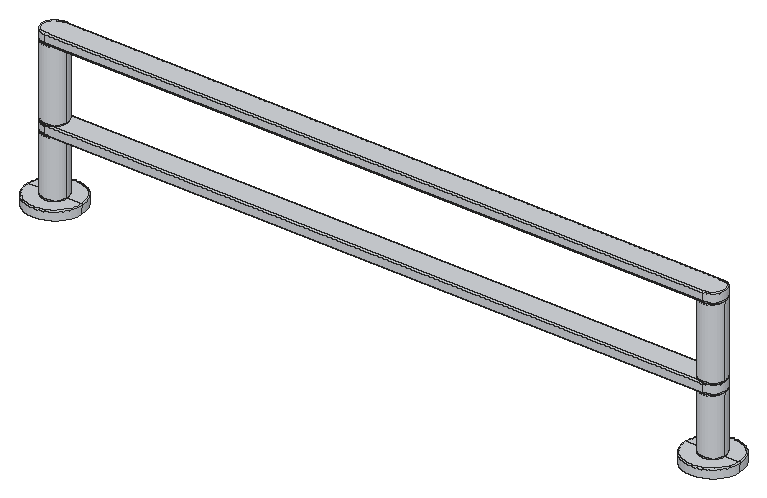
Revit family "Accessory-Towel_Bar-KOHLER-Composed-K-73144", category Specialty Equipment, host Face, Revit 2015
Parameters (values of type "CP-Polished Chrome")
  Width = 5 3/4"  # constant formula
  URL = "https://www.us.kohler.com/us/"
  Type = 1
  Product Page URL = "http://www.us.kohler.com/us/catalog/productDetails.jsp?productNumber=73144"
  Product Name = "Composed"  # constant formula
  Product Documentation Link = "http://www.us.kohler.com/onlinecatalog/pdf/K-73144_spec.pdf"
  Model = if(Type = 1, "K-73144-CP", if(Type = 2, "K-73144-TT", "NA"))  # "K-73144-CP"
  Material = "Premium Metal Construction"  # constant formula
  MasterFormat 2004 = "10.28.13"  # constant formula
  MasterFormat 1995 = "10820"  # constant formula
  Manufacturer Address = "444 Highland Dr, Kohler, WI 53044"  # constant formula
  Manufacturer = "KOHLER Co."  # constant formula
  Length = 24"  # constant formula
  Height = 2"  # constant formula
  Finish = Kohler-Metal-CP-Polished_Chrome
  Environmental Product Declaration = ""
  Description = "24inch double towel bar"  # constant formula
  Default Elevation = 42"
  Declare Label = ""
  Date Modified = "09/19/2018"  # constant formula
  Date Created = "09/19/2018"  # constant formula
  Copyright = "Copyright KOHLER Co."  # constant formula
  Contact Us = "https://www.us.kohler.com/us/static/contact.jsp"
  Assembly Code = "C1030200"
  ADA Compliant = 1 = 0  # no
Types (3): name | Type | Model | Finish
  (no name) | 1 | "K-73144-CP" | Kohler-Metal-CP-Polished_Chrome
  CP-Polished Chrome | 1 | "K-73144-CP" | Kohler-Metal-CP-Polished_Chrome
  TT-Vibrant Titanium | 2 | "K-73144-TT" | Kohler-Metal-TT-Vibrant_Titanium
Reference planes (in)
  plane 1 "Center (Front/Back)": y = 0
  plane 2: z = 0
  plane 3 "Center (Left/Right)": x = 0
  plane 4: y = 1
  plane 5: y = -1
  plane 6: z = 5.75
  plane 7: x = -12
  plane 8: x = 12
Dimensions and locks (in)
  "Height": plane 5 to plane 4
  "Width": plane 6 to plane 2
  equal spacing: plane 7, plane 3 "Center (Left/Right)", plane 8
  "Length": plane 7 to plane 8
  aligned and locked: plane 2 to host face
  aligned and locked: level to host face
Automatic sketch dimensions
  host sketch curve to host sketch curve = 96"  (x2)
Nested families (in)
  nested 1: "K-73144" at (0, 0, 0), type "K-73144"
    with Length 24"
Definition of nested family "K-73144"
  Parameters (values of type "K-73144")
    Material = none
    Length = 30"
  Reference planes (in)
    plane 1 "Center (Front/Back)": y = 0
    plane 2: z = 0
    plane 3 "Center (Left/Right)": x = 0
    plane 4: x = -15
    plane 5: x = 15
    plane 6: y = 1
    plane 7: z = 5.75
    plane 8: y = -1
  Forms (in)
    Revolve 1, solid, material <- "Material", detail levels medium+fine
      sketch origin (0, 0, 0) x (1, 0, 0) y (0, 0, 1)
        loop
          line (-16, 0) -> (-15, 0) -> (-15, 2.42126) -> (-15.41855, 2.42126)
          arc (-15.41855, 2.42126) -> (-15.44135, 2.41182) -> (-15.45079, 2.38902) r 0.03224
          line (-15.45079, 2.38902) -> (-15.45079, 0.3466)
          arc (-15.45079, 0.3466) -> (-15.44152, 0.32423) -> (-15.41915, 0.31496) r 0.03164
          line (-15.41915, 0.31496) -> (-15.96861, 0.31496)
          arc (-15.96861, 0.31496) -> (-15.99081, 0.30577) -> (-16, 0.28357) r 0.03139
          line (-16, 0.28357) -> (-16, 0)
        loop
          arc (-15.41873, 5.39976) -> (-15.4414, 5.39037) -> (-15.45079, 5.3677) r 0.03206
          line (-15.45079, 5.3677) -> (-15.45079, 2.80261)
          arc (-15.45079, 2.80261) -> (-15.44172, 2.78072) -> (-15.41984, 2.77165) r 0.03095
          line (-15.41984, 2.77165) -> (-15, 2.77165) -> (-15, 5.39976) -> (-15.41873, 5.39976)
        axis (-15, 5.39976) -> (-15, 0)
      angle from 0 to 360
    Revolve 2, solid, material <- "Material", detail levels medium+fine
      sketch origin (0, 0, 0) x (-1, 0, 0) y (0, 0, 1)
        loop
          line (-16, 0) -> (-15, 0) -> (-15, 2.42126) -> (-15.41855, 2.42126)
          arc (-15.41855, 2.42126) -> (-15.44135, 2.41182) -> (-15.45079, 2.38902) r 0.03224
          line (-15.45079, 2.38902) -> (-15.45079, 0.3466)
          arc (-15.45079, 0.3466) -> (-15.44152, 0.32423) -> (-15.41915, 0.31496) r 0.03164
          line (-15.41915, 0.31496) -> (-15.96861, 0.31496)
          arc (-15.96861, 0.31496) -> (-15.99081, 0.30577) -> (-16, 0.28357) r 0.03139
          line (-16, 0.28357) -> (-16, 0)
        loop
          arc (-15.41873, 5.39976) -> (-15.4414, 5.39037) -> (-15.45079, 5.3677) r 0.03206
          line (-15.45079, 5.3677) -> (-15.45079, 2.80261)
          arc (-15.45079, 2.80261) -> (-15.44172, 2.78072) -> (-15.41984, 2.77165) r 0.03095
          line (-15.41984, 2.77165) -> (-15, 2.77165) -> (-15, 5.39976) -> (-15.41873, 5.39976)
        axis (-15, 5.39976) -> (-15, 0)
      angle from 0 to 360
    Sweep 3, solid, material <- "Material", detail levels medium+fine
      path origin (0, 0, 0) x (1, 0, 0) y (0, 1, 0)
        loop
          line (15, 0.45079) -> (-15, 0.45079)
          arc (-15, 0.45079) -> (-15.45079, 0) -> (-15, -0.45079) r 0.45079
          line (-15, -0.45079) -> (15, -0.45079)
          arc (15, -0.45079) -> (15.45079, 0) -> (15, 0.45079) r 0.45079
      profile origin (0, 0.45079, 0) x (0, -1, 0) y (0, 0, 1)
        loop
          line (0.06353, 5.39976) -> (0.06353, 5.75015) -> (0.03174, 5.75015)
          arc (0.03174, 5.75015) -> (0.00929, 5.74086) -> (0, 5.71842) r 0.03174
          line (0, 5.71842) -> (0, 5.43187)
          arc (0, 5.43187) -> (0.0094, 5.40916) -> (0.03211, 5.39976) r 0.03211
          line (0.03211, 5.39976) -> (0.06353, 5.39976)
    Extrusion 4, solid, material <- "Material", detail levels medium+fine
      sketch origin (0, 0, 0) x (1, 0, 0) y (0, 1, 0)
        loop
          arc (-15, 0.38726) -> (-15.38726, 0) -> (-15, -0.38726) r 0.38726
          line (-15, -0.38726) -> (15, -0.38726)
          arc (15, -0.38726) -> (15.38726, 0) -> (15, 0.38726) r 0.38726
          line (15, 0.38726) -> (-15, 0.38726)
      from 5.39976 to 5.75015
    Revolve 5, solid, material <- "Material", detail levels coarse
      sketch origin (0, 0, 0) x (1, 0, 0) y (0, 0, 1)
        loop
          line (-16, 0) -> (-15, 0) -> (-15, 5.75) -> (-15.45079, 5.75) -> (-15.45079, 0.31496) -> (-16, 0.31496) -> (-16, 0)
        axis (-15, 5.75) -> (-15, 0)
      angle from 0 to 360
    Revolve 6, solid, material <- "Material", detail levels coarse
      sketch origin (0, 0, 0) x (-1, 0, 0) y (0, 0, 1)
        loop
          line (-16, 0) -> (-15, 0) -> (-15, 5.40123) -> (-15.45079, 5.40123) -> (-15.45079, 0.31496) -> (-16, 0.31496) -> (-16, 0)
        axis (-15, 5.40123) -> (-15, 0)
      angle from 0 to 360
    Extrusion 7, solid, material <- "Material", detail levels coarse
      sketch origin (0, 0, 0) x (1, 0, 0) y (0, 1, 0)
        loop
          line (-14.99839, -0.45079) -> (15.00161, -0.45079)
          arc (15.00161, -0.45079) -> (15.45079, 0.0008) -> (15, 0.45079) r 0.45079
          line (15, 0.45079) -> (-15, 0.45079)
          arc (-15, 0.45079) -> (-15.45079, -0.0008) -> (-14.99839, -0.45079) r 0.45079
      from 5.39976 to 5.75
    Sweep 8, solid, material <- "Material", detail levels medium+fine
      path origin (0, 0, -2.9785) x (1, 0, 0) y (0, 1, 0)
        loop
          line (15, 0.45079) -> (-15, 0.45079)
          arc (-15, 0.45079) -> (-15.45079, 0) -> (-15, -0.45079) r 0.45079
          line (-15, -0.45079) -> (15, -0.45079)
          arc (15, -0.45079) -> (15.45079, 0) -> (15, 0.45079) r 0.45079
      profile origin (0, 0.45079, -2.9785) x (0, -1, 0) y (0, 0, 1)
        loop
          line (0.06353, 5.39976) -> (0.06353, 5.75015) -> (0.03174, 5.75015)
          arc (0.03174, 5.75015) -> (0.00929, 5.74086) -> (0, 5.71842) r 0.03174
          line (0, 5.71842) -> (0, 5.43187)
          arc (0, 5.43187) -> (0.0094, 5.40916) -> (0.03211, 5.39976) r 0.03211
          line (0.03211, 5.39976) -> (0.06353, 5.39976)
    Extrusion 9, solid, material <- "Material", detail levels medium+fine
      sketch origin (0, 0, 0) x (1, 0, 0) y (0, 1, 0)
        loop
          arc (-15, 0.38726) -> (-15.38726, 0) -> (-15, -0.38726) r 0.38726
          line (-15, -0.38726) -> (15, -0.38726)
          arc (15, -0.38726) -> (15.38726, 0) -> (15, 0.38726) r 0.38726
          line (15, 0.38726) -> (-15, 0.38726)
      from 2.42126 to 2.77165
    Extrusion 10, solid, material <- "Material", detail levels coarse
      sketch origin (0, 0, 0) x (1, 0, 0) y (0, 1, 0)
        loop
          line (-14.99839, -0.45079) -> (15.00161, -0.45079)
          arc (15.00161, -0.45079) -> (15.45079, 0.0008) -> (15, 0.45079) r 0.45079
          line (15, 0.45079) -> (-15, 0.45079)
          arc (-15, 0.45079) -> (-15.45079, -0.0008) -> (-14.99839, -0.45079) r 0.45079
      from 2.41991 to 2.77202
  Cuts and joins
    joined: Sweep 3, Extrusion 4
    joined: Revolve 1, Revolve 2
    joined: Revolve 5, Extrusion 7, Extrusion 10
    joined: Sweep 8, Extrusion 9
  Lines and regions (in)
    Masking region 1
      outline origin (0, 0, 0) x (1, 0, 0) y (0, 0, 1)
        loop
          line (-16, 0) -> (-14, 0) -> (-14, 0.28357)
          arc (-14, 0.28357) -> (-14.00919, 0.30577) -> (-14.03139, 0.31496) r 0.03139
          line (-14.03139, 0.31496) -> (-14.58085, 0.31496)
          arc (-14.58085, 0.31496) -> (-14.55848, 0.32423) -> (-14.54921, 0.3466) r 0.03164
          line (-14.54921, 0.3466) -> (-14.54921, 2.38893)
          arc (-14.54921, 2.38893) -> (-14.55828, 2.41084) -> (-14.58019, 2.41991) r 0.03098
          line (-14.58019, 2.41991) -> (14.58019, 2.41991)
          arc (14.58019, 2.41991) -> (14.55828, 2.41084) -> (14.54921, 2.38893) r 0.03098
          line (14.54921, 2.38893) -> (14.54921, 0.3466)
          arc (14.54921, 0.3466) -> (14.55848, 0.32423) -> (14.58085, 0.31496) r 0.03164
          line (14.58085, 0.31496) -> (14.03139, 0.31496)
          arc (14.03139, 0.31496) -> (14.00919, 0.30577) -> (14, 0.28357) r 0.03139
          line (14, 0.28357) -> (14, 0) -> (16, 0) -> (16, 0.28357)
          arc (16, 0.28357) -> (15.99081, 0.30577) -> (15.96861, 0.31496) r 0.03139
          line (15.96861, 0.31496) -> (15.41915, 0.31496)
          arc (15.41915, 0.31496) -> (15.44152, 0.32423) -> (15.45079, 0.3466) r 0.03164
          line (15.45079, 0.3466) -> (15.45079, 2.38893)
          arc (15.45079, 2.38893) -> (15.44172, 2.41084) -> (15.41981, 2.41991) r 0.03098
          arc (15.41981, 2.41991) -> (15.44172, 2.42899) -> (15.45079, 2.45089) r 0.03098
          line (15.45079, 2.45089) -> (15.45079, 2.74104)
          arc (15.45079, 2.74104) -> (15.44172, 2.76295) -> (15.41981, 2.77202) r 0.03098
          arc (15.41981, 2.77202) -> (15.44172, 2.78109) -> (15.45079, 2.803) r 0.03098
          line (15.45079, 2.803) -> (15.45079, 5.3677)
          arc (15.45079, 5.3677) -> (15.4414, 5.39037) -> (15.41873, 5.39976) r 0.03206
          arc (15.41873, 5.39976) -> (15.4414, 5.40915) -> (15.45079, 5.43182) r 0.03206
          line (15.45079, 5.43182) -> (15.45079, 5.71772)
          arc (15.45079, 5.71772) -> (15.44134, 5.74055) -> (15.41851, 5.75) r 0.03228
          line (15.41851, 5.75) -> (-15.41851, 5.75)
          arc (-15.41851, 5.75) -> (-15.44134, 5.74055) -> (-15.45079, 5.71772) r 0.03228
          line (-15.45079, 5.71772) -> (-15.45079, 5.43182)
          arc (-15.45079, 5.43182) -> (-15.4414, 5.40915) -> (-15.41873, 5.39976) r 0.03206
          arc (-15.41873, 5.39976) -> (-15.4414, 5.39037) -> (-15.45079, 5.3677) r 0.03206
          line (-15.45079, 5.3677) -> (-15.45079, 2.803)
          arc (-15.45079, 2.803) -> (-15.44172, 2.78109) -> (-15.41981, 2.77202) r 0.03098
          arc (-15.41981, 2.77202) -> (-15.44172, 2.76295) -> (-15.45079, 2.74104) r 0.03098
          line (-15.45079, 2.74104) -> (-15.45079, 2.45089)
          arc (-15.45079, 2.45089) -> (-15.44172, 2.42899) -> (-15.41981, 2.41991) r 0.03098
          arc (-15.41981, 2.41991) -> (-15.44172, 2.41084) -> (-15.45079, 2.38893) r 0.03098
          line (-15.45079, 2.38893) -> (-15.45079, 0.3466)
          arc (-15.45079, 0.3466) -> (-15.44152, 0.32423) -> (-15.41915, 0.31496) r 0.03164
          line (-15.41915, 0.31496) -> (-15.96861, 0.31496)
          arc (-15.96861, 0.31496) -> (-15.99081, 0.30577) -> (-16, 0.28357) r 0.03139
          line (-16, 0.28357) -> (-16, 0)
        loop
          line (-14.54921, 5.3677) -> (-14.54921, 2.803)
          arc (-14.54921, 2.803) -> (-14.55828, 2.78109) -> (-14.58019, 2.77202) r 0.03098
          line (-14.58019, 2.77202) -> (14.58019, 2.77202)
          arc (14.58019, 2.77202) -> (14.55828, 2.78109) -> (14.54921, 2.803) r 0.03098
          line (14.54921, 2.803) -> (14.54921, 5.3677)
          arc (14.54921, 5.3677) -> (14.5586, 5.39037) -> (14.58127, 5.39976) r 0.03206
          line (14.58127, 5.39976) -> (-14.58127, 5.39976)
          arc (-14.58127, 5.39976) -> (-14.5586, 5.39037) -> (-14.54921, 5.3677) r 0.03206
    Masking region 2
      outline origin (0, 0, 0) x (0, 1, 0) y (0, 0, 1)
        loop
          line (1, 0) -> (1, 0.28357)
          arc (1, 0.28357) -> (0.99081, 0.30577) -> (0.96861, 0.31496) r 0.03139
          line (0.96861, 0.31496) -> (0.41915, 0.31496)
          arc (0.41915, 0.31496) -> (0.44152, 0.32423) -> (0.45079, 0.3466) r 0.03164
          line (0.45079, 0.3466) -> (0.45079, 2.38893)
          arc (0.45079, 2.38893) -> (0.44172, 2.41084) -> (0.41981, 2.41991) r 0.03098
          arc (0.41981, 2.41991) -> (0.44172, 2.42899) -> (0.45079, 2.45089) r 0.03098
          line (0.45079, 2.45089) -> (0.45079, 2.74104)
          arc (0.45079, 2.74104) -> (0.44172, 2.76295) -> (0.41981, 2.77202) r 0.03098
          arc (0.41981, 2.77202) -> (0.44172, 2.78109) -> (0.45079, 2.803) r 0.03098
          line (0.45079, 2.803) -> (0.45079, 5.3677)
          arc (0.45079, 5.3677) -> (0.4414, 5.39037) -> (0.41873, 5.39976) r 0.03206
          arc (0.41873, 5.39976) -> (0.4414, 5.40915) -> (0.45079, 5.43182) r 0.03206
          line (0.45079, 5.43182) -> (0.45079, 5.71772)
          arc (0.45079, 5.71772) -> (0.44134, 5.74055) -> (0.41851, 5.75) r 0.03228
          line (0.41851, 5.75) -> (-0.41851, 5.75)
          arc (-0.41851, 5.75) -> (-0.44134, 5.74055) -> (-0.45079, 5.71772) r 0.03228
          line (-0.45079, 5.71772) -> (-0.45079, 5.43182)
          arc (-0.45079, 5.43182) -> (-0.4414, 5.40915) -> (-0.41873, 5.39976) r 0.03206
          arc (-0.41873, 5.39976) -> (-0.4414, 5.39037) -> (-0.45079, 5.3677) r 0.03206
          line (-0.45079, 5.3677) -> (-0.45079, 2.803)
          arc (-0.45079, 2.803) -> (-0.44172, 2.78109) -> (-0.41981, 2.77202) r 0.03098
          arc (-0.41981, 2.77202) -> (-0.44172, 2.76295) -> (-0.45079, 2.74104) r 0.03098
          line (-0.45079, 2.74104) -> (-0.45079, 2.45089)
          arc (-0.45079, 2.45089) -> (-0.44172, 2.42899) -> (-0.41981, 2.41991) r 0.03098
          arc (-0.41981, 2.41991) -> (-0.44172, 2.41084) -> (-0.45079, 2.38893) r 0.03098
          line (-0.45079, 2.38893) -> (-0.45079, 0.3466)
          arc (-0.45079, 0.3466) -> (-0.44152, 0.32423) -> (-0.41915, 0.31496) r 0.03164
          line (-0.41915, 0.31496) -> (-0.96861, 0.31496)
          arc (-0.96861, 0.31496) -> (-0.99081, 0.30577) -> (-1, 0.28357) r 0.03139
          line (-1, 0.28357) -> (-1, 0) -> (1, 0)
    Masking region 3
      outline origin (0, 0, 0) x (1, 0, 0) y (0, 1, 0)
        loop
          line (14.10737, 0.45079) -> (-14.10737, 0.45079)
          arc (-14.10737, 0.45079) -> (-16, 0) -> (-14.10737, -0.45079) r 1
          line (-14.10737, -0.45079) -> (14.10737, -0.45079)
          arc (14.10737, -0.45079) -> (16, 0) -> (14.10737, 0.45079) r 1
    symbolic lines, detail levels medium+fine
      curve 1: line (-15.41915, 0, 0.31496) -> (-14.58085, 0, 0.31496)
      curve 2: line (-15.41873, 0, 5.39976) -> (-14.58127, 0, 5.39976)
      curve 3: line (15.41873, 0, 5.39976) -> (14.58127, 0, 5.39976)
      curve 4: line (15.41915, 0, 0.31496) -> (14.58085, 0, 0.31496)
      curve 5: line (-14, 0, 5.39976) -> (-14, 0, 5.75)
      curve 6: line (14, 0, 5.75) -> (14, 0, 5.39976)
      curve 7: line (0, 0.41873, 5.39976) -> (0, -0.41873, 5.39976)
      curve 8: line (0, 0.41915, 0.31496) -> (0, -0.41915, 0.31496)
      curve 9: line (-14.10737, 0.45079, 0) -> (-15, 0.45079, 0)
      curve 10: line (-14.10737, -0.45079, 0) -> (-15, -0.45079, 0)
      curve 11: arc (-15, 0.45079, 0) -> (-15.45079, 0, 0) -> (-15, -0.45079, 0) r 0.45079
      curve 12: line (14.10737, 0.45079, 0) -> (15, 0.45079, 0)
      curve 13: line (14.10737, -0.45079, 0) -> (15, -0.45079, 0)
      curve 14: arc (15, 0.45079, 0) -> (15.45079, 0, 0) -> (15, -0.45079, 0) r 0.45079
      curve 15: line (-13.89226, 0.45079, 0) -> (-13.89226, -0.45079, 0)
      curve 16: line (13.89226, 0.45079, 0) -> (13.89226, -0.45079, 0)
      curve 17: line (-14, 0, 2.77202) -> (-14, 0, 2.41991)
      curve 18: line (14, 0, 2.77202) -> (14, 0, 2.41991)
      curve 19: line (-14.58019, 0, 2.77202) -> (-15.41981, 0, 2.77202)
      curve 20: line (-14.57783, 0, 2.41991) -> (-15.41981, 0, 2.41991)
      curve 21: line (14.54921, 0, 2.77202) -> (15.41981, 0, 2.77202)
      curve 22: line (14.54921, 0, 2.41991) -> (15.41981, 0, 2.41991)
      curve 23: line (0, 0.41981, 2.77202) -> (0, -0.41981, 2.77202)
      curve 24: line (0, 0.41981, 2.41991) -> (0, -0.41981, 2.41991)
  Dimensions and locks (in)
    equal spacing: plane 4, plane 3 "Center (Left/Right)", plane 5
    "Length": plane 4 to plane 5
    plane 7 to level = 5 3/4"
    plane 7 to plane 2 = 5 3/4"
    locked: plane 4 to curve 5 at 1
    locked: plane 5 to curve 6 at 1
    aligned and locked: plane 2 to level
    aligned and locked: Revolve 1 sketch curve to plane 4
    aligned and locked: plane 4 to Revolve 1 sketch curve
    aligned and locked: plane 5 to Revolve 2 sketch curve
    aligned and locked: Revolve 2 sketch curve to plane 5
    aligned and locked: plane 5 to Sweep 3 sketch curve
    aligned and locked: plane 4 to Sweep 3 sketch curve
    aligned and locked: Extrusion 4 sketch curve to Sweep 3  (x2)
    aligned and locked: Sweep 3 to Extrusion 4  (x2)
    aligned and locked: Masking region 1 sketch curve to plane 7
    aligned and locked: Masking region 1 sketch curve to Masking region 1 sketch curve  (x2)
    aligned and locked: curve 1 to cut or joined group of Revolve 1, Revolve 2
    aligned and locked: cut or joined group of Revolve 1, Revolve 2 to curve 1
    aligned and locked: curve 2 to Masking region 1  (x2)
    aligned and locked: curve 3 to Masking region 1  (x2)
    aligned and locked: curve 4 to cut or joined group of Revolve 1, Revolve 2
    aligned and locked: cut or joined group of Revolve 1, Revolve 2 to curve 4
    aligned and locked: plane 5 to Masking region 3 sketch curve
    aligned and locked: curve 9 to Masking region 3
    aligned and locked: plane 4 to curve 9
    aligned and locked: curve 10 to Masking region 3
    aligned and locked: plane 4 to curve 10
    aligned and locked: curve 12 to Masking region 3
    aligned and locked: plane 5 to curve 12
    aligned and locked: curve 13 to Masking region 3
    aligned and locked: plane 5 to curve 13
    aligned and locked: Revolve 5 sketch curve to plane 4
    aligned and locked: plane 4 to Revolve 5 sketch curve
    aligned and locked: plane 5 to Revolve 6 sketch curve
    aligned and locked: Revolve 6 sketch curve to plane 5
    aligned and locked: Extrusion 7 sketch curve to Revolve 5
    aligned and locked: Extrusion 7 sketch curve to Revolve 6
    aligned and locked: Sweep 8 to Extrusion 9  (x2)
    aligned and locked: curve 5 to curve 17
    aligned and locked: curve 6 to curve 18
    aligned and locked: Masking region 2 sketch curve to Masking region 2 sketch curve
    aligned and locked: plane 7 to Masking region 2 sketch curve
  Automatic sketch dimensions
    plane 1 "Center (Front/Back)" to Sweep 3 sketch curve = 0"
    Sweep 3 sketch curve to Sweep 3 sketch curve = 0.45079"
    plane 1 "Center (Front/Back)" to curve 14 = 0"
    plane 1 "Center (Front/Back)" to curve 11 = 0"
    curve 13 to curve 14 = 0.45079"
    curve 10 to curve 11 = 0.45079"
    curve 10 to curve 15 = 0.21511"
    curve 16 to curve 13 = 0.21511"
    curve 16 to curve 13 = 0"
    curve 10 to curve 15 = 0"
    curve 9 to curve 15 = 0"
    curve 16 to curve 12 = 0"
    Revolve 1 sketch curve to level = 0"  (x2)
    plane 4 to Revolve 1 sketch curve = 0"
    plane 4 to Revolve 1 sketch curve = 0.41855"
    plane 4 to Revolve 1 sketch curve = 0.41873"
    plane 4 to Revolve 1 sketch curve = 0.41915"
    Revolve 1 sketch curve to Revolve 1 sketch curve = 0.00129"
    Revolve 1 sketch curve to Revolve 1 sketch curve = 0.03095"
    Revolve 1 sketch curve to Revolve 1 sketch curve = 0.03224"
    Revolve 1 sketch curve to Revolve 1 sketch curve = 0.51782"
    Revolve 1 sketch curve to Revolve 1 sketch curve = 0.03139"
    level to Revolve 1 sketch curve = 0.28357"
    Revolve 1 sketch curve to Revolve 1 sketch curve = 2.04242"
    Revolve 1 sketch curve to Revolve 1 sketch curve = 0.35039"
    Revolve 1 sketch curve to plane 7 = 0.3823"
    Revolve 1 sketch curve to Revolve 1 sketch curve = 0.35774"
    Revolve 2 sketch curve to level = 0"  (x2)
    Revolve 2 sketch curve to plane 5 = 0"
    Revolve 2 sketch curve to plane 5 = 0.41855"
    Revolve 2 sketch curve to plane 5 = 0.41873"
    Revolve 2 sketch curve to plane 5 = 0.41915"
    Revolve 2 sketch curve to Revolve 2 sketch curve = 0.00129"
    Revolve 2 sketch curve to Revolve 2 sketch curve = 0.03164"
    Revolve 2 sketch curve to Revolve 2 sketch curve = 0.03206"
    Revolve 2 sketch curve to Revolve 2 sketch curve = 0.51782"
    Revolve 2 sketch curve to Revolve 2 sketch curve = 0.03139"
    Revolve 2 sketch curve to Revolve 2 sketch curve = 0.28357"
    Revolve 2 sketch curve to Revolve 2 sketch curve = 2.04242"
    Revolve 2 sketch curve to Revolve 2 sketch curve = 0.35039"
    plane 7 to Revolve 2 sketch curve = 0.3823"
    level to Revolve 2 sketch curve = 0.35774"
    Sweep 3 sketch curve to profile plane = 0"
    Sweep 3 sketch curve to profile plane = 0.03174"
    Sweep 3 sketch curve to profile plane = 0.03211"
    Sweep 3 sketch curve to Sweep 3 sketch curve = 0.03179"
    level to Sweep 3 sketch curve = 5.39976"
    Sweep 3 sketch curve to Sweep 3 sketch curve = 0.28655"
    plane 1 "Center (Front/Back)" to Masking region 3 sketch curve = 0"  (x2)
    Masking region 3 sketch curve to plane 4 = 0"
    Masking region 3 sketch curve to plane 4 = 0.89263"  (x2)
    Masking region 3 sketch curve to plane 1 "Center (Front/Back)" = 0.45079"
    Masking region 3 sketch curve to plane 5 = 0.89263"
    Revolve 5 sketch curve to level = 0"  (x2)
    Revolve 5 sketch curve to plane 7 = 0"
    plane 4 to Revolve 5 sketch curve = 0.45079"
    Revolve 5 sketch curve to Revolve 5 sketch curve = 0.54921"
    level to Revolve 5 sketch curve = 0.31496"
    Revolve 5 sketch curve to Revolve 5 sketch curve = 0.3666"
    Revolve 6 sketch curve to level = 0"  (x2)
    Revolve 6 sketch curve to plane 5 = 0.45079"
    Revolve 6 sketch curve to Revolve 6 sketch curve = 0.54921"
    Revolve 6 sketch curve to Revolve 6 sketch curve = 0.31496"
    plane 7 to Revolve 6 sketch curve = 0.34877"
    level to Revolve 6 sketch curve = 0.3666"
    Extrusion 7 sketch curve to plane 4 = 0.00161"
    Sweep 8 sketch curve to plane 4 = 0"
    Sweep 8 sketch curve to plane 5 = 0"
    plane 1 "Center (Front/Back)" to Sweep 8 sketch curve = 0"
    Sweep 8 sketch curve to Sweep 8 sketch curve = 0.45079"
    Sweep 8 sketch curve to profile plane = 0"
    Sweep 8 sketch curve to profile plane = 0.03174"
    Sweep 8 sketch curve to profile plane = 0.03211"
    Sweep 8 sketch curve to Sweep 8 sketch curve = 0.03179"
    profile plane to Sweep 8 sketch curve = 5.39976"
    Sweep 8 sketch curve to Sweep 8 sketch curve = 0.28655"
    Extrusion 9 sketch curve to plane 4 = 0"
    Extrusion 9 sketch curve to plane 5 = 0"
    plane 1 "Center (Front/Back)" to Extrusion 9 sketch curve = 0"
    plane 1 "Center (Front/Back)" to Extrusion 9 sketch curve = 0.38726"
    Extrusion 10 sketch curve to plane 4 = 0"
    Extrusion 10 sketch curve to plane 5 = 0"
    plane 1 "Center (Front/Back)" to Extrusion 10 sketch curve = 0"  (x2)
    Extrusion 10 sketch curve to plane 4 = 0.00161"
    plane 1 "Center (Front/Back)" to Extrusion 10 sketch curve = 0.45079"
    Masking region 1 sketch curve to level = 0"  (x2)
    plane 4 to Masking region 1 sketch curve = 1"
    Masking region 1 sketch curve to Masking region 1 sketch curve = 0.03139"  (x4)
    plane 4 to Masking region 1 sketch curve = 0.45079"
    Masking region 1 sketch curve to Masking region 1 sketch curve = 0"  (x11)
    Masking region 1 sketch curve to Masking region 1 sketch curve = 0.03098"  (x14)
    Masking region 1 sketch curve to Masking region 1 sketch curve = 0.03164"  (x3)
    Masking region 1 sketch curve to Masking region 1 sketch curve = 0.03206"  (x6)
    Masking region 1 sketch curve to Masking region 1 sketch curve = 0.03228"
    Masking region 1 sketch curve to plane 4 = 0.41873"
    Masking region 1 sketch curve to plane 4 = 0.41915"
    Masking region 1 sketch curve to plane 4 = 0.41981"
    level to Masking region 1 sketch curve = 0.28357"  (x4)
    Masking region 1 sketch curve to Masking region 1 sketch curve = 0.51782"  (x2)
    Masking region 1 sketch curve to plane 5 = 1"
    Masking region 1 sketch curve to plane 5 = 0.45079"  (x2)
    plane 5 to Masking region 1 sketch curve = 0.41851"
    plane 5 to Masking region 1 sketch curve = 0.41873"
    plane 5 to Masking region 1 sketch curve = 0.41915"
    plane 5 to Masking region 1 sketch curve = 0.41981"
    Masking region 1 sketch curve to Masking region 1 sketch curve = 2.04233"  (x2)
    Masking region 1 sketch curve to Masking region 1 sketch curve = 0.29015"  (x2)
    Masking region 1 sketch curve to Masking region 1 sketch curve = 0.35211"
    Masking region 1 sketch curve to plane 7 = 0.3823"  (x3)
    curve 6 to plane 7 = 0"
    curve 5 to plane 7 = 0"
    plane 4 to curve 20 = 0.41981"
    curve 19 to curve 20 = 0"
    curve 2 to plane 4 = 0.41873"
    curve 1 to plane 4 = 0.41915"
    curve 19 to plane 4 = 0.41981"
    curve 19 to curve 20 = 0.00236"
    curve 22 to plane 5 = 0.45079"
    curve 21 to curve 22 = 0"  (x2)
    curve 4 to plane 5 = 0.41915"
    curve 3 to plane 5 = 0.41873"
    plane 5 to curve 22 = 0.41981"
    curve 4 to curve 18 = 2.10495"
    curve 1 to curve 20 = 2.10495"
    curve 22 to curve 18 = 0"
    curve 17 to curve 20 = 0"
    curve 20 to curve 19 = 0.35211"
    curve 22 to curve 21 = 0.35211"
    curve 17 to curve 17 = 0.35211"
    curve 18 to curve 18 = 0.35211"
    curve 5 to curve 5 = 0.35024"
    curve 6 to curve 6 = 0.35024"
    Masking region 2 sketch curve to level = 0"
    Masking region 2 sketch curve to plane 8 = 0"
    Masking region 2 sketch curve to plane 6 = 0"
    Masking region 2 sketch curve to plane 8 = 0.03139"
    plane 1 "Center (Front/Back)" to Masking region 2 sketch curve = 0.45079"  (x3)
    Masking region 2 sketch curve to Masking region 2 sketch curve = 0"  (x3)
    Masking region 2 sketch curve to Masking region 2 sketch curve = 0.03098"  (x8)
    Masking region 2 sketch curve to Masking region 2 sketch curve = 0.03164"  (x2)
    Masking region 2 sketch curve to Masking region 2 sketch curve = 0.03206"  (x3)
    Masking region 2 sketch curve to plane 7 = 0.03228"
    Masking region 2 sketch curve to plane 1 "Center (Front/Back)" = 0.41851"
    Masking region 2 sketch curve to Masking region 2 sketch curve = 0.00022"
    Masking region 2 sketch curve to plane 1 "Center (Front/Back)" = 0.41915"
    Masking region 2 sketch curve to plane 1 "Center (Front/Back)" = 0.41981"
    Masking region 2 sketch curve to Masking region 2 sketch curve = 0.03228"
    Masking region 2 sketch curve to plane 6 = 0.03139"
    level to Masking region 2 sketch curve = 0.28357"  (x2)
    Masking region 2 sketch curve to Masking region 2 sketch curve = 2.04233"
    Masking region 2 sketch curve to Masking region 2 sketch curve = 0.29015"  (x2)
    Masking region 2 sketch curve to Masking region 2 sketch curve = 0.35002"  (x2)
    plane 1 "Center (Front/Back)" to curve 23 = 0.41981"
    level to curve 8 = 0.31496"
    curve 24 to curve 23 = 0"
    plane 1 "Center (Front/Back)" to curve 8 = 0.41915"
    plane 1 "Center (Front/Back)" to curve 7 = 0.41873"
    curve 7 to plane 1 "Center (Front/Back)" = 0.41873"
    curve 8 to plane 1 "Center (Front/Back)" = 0.41915"
    curve 24 to plane 1 "Center (Front/Back)" = 0.41981"
    curve 23 to curve 24 = 0"
    curve 8 to curve 24 = 2.10495"
    curve 24 to curve 23 = 0.35211"
    curve 7 to plane 7 = 0.35024"
